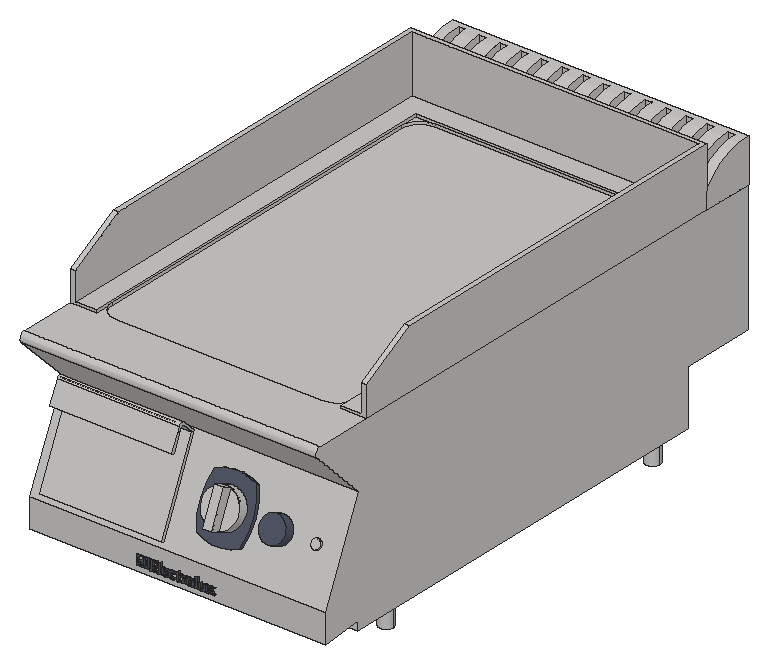
Revit family "QF_ELECTROLUXPROFESSIONAL_Professional_371320_E7IIKAAOMCA", category Specialty Equipment, Revit 2018 (continued)
Automatic sketch dimensions
  Extrusion 23 sketch curve to Extrusion 23 sketch curve = 57.15 mm
  Sweep 24 sketch curve to plane 4 "RIGHT" = 35.025 mm
  plane 3 "LEFT" to Sweep 24 sketch curve = 35.025 mm
  Sweep 24 sketch curve to plane 12 = 42.753 mm
  plane 11 to Sweep 24 sketch curve = 47 mm  (x2)
  Sweep 24 sketch curve to plane 10 "TOP A" = 0 mm
  profile plane to Sweep 24 sketch curve = 0 mm
  profile plane to Sweep 24 sketch curve = 28.675 mm
  Sweep 24 sketch curve to Sweep 24 sketch curve = 6.35 mm
  plane 10 "TOP A" to Sweep 24 sketch curve = 3.175 mm
  Extrusion 25 sketch curve to Sweep 24 = 0 mm  (x2)
  Extrusion 25 sketch curve to Extrusion 25 sketch curve = 73.03 mm
  Extrusion 25 sketch curve to Sweep 24 = 40.481 mm
  Sweep 24 to Extrusion 26 sketch curve = 0 mm
  Extrusion 26 sketch curve to Sweep 24 = 0 mm
  Extrusion 26 sketch curve to Extrusion 26 sketch curve = 73.03 mm
  Extrusion 26 sketch curve to Sweep 24 = 40.481 mm
  plane 11 to curve 8 = 21.6 mm
  curve 10 to curve 11 = 25.4 mm
  curve 17 to curve 77 = 0 mm
  curve 76 to curve 77 = 25.4 mm
  curve 15 to curve 15 = 25.4 mm
  plane 7 "Center Y" to Extrusion 27 sketch curve = 17.271 mm
  Extrusion 27 sketch curve to Extrusion 27 sketch curve = 0 mm
  Extrusion 27 sketch curve to Extrusion 27 sketch curve = 12.3 mm  (x3)
  Extrusion 27 sketch curve to Extrusion 27 sketch curve = 34.925 mm  (x2)
  Extrusion 27 sketch curve to plane 7 "Center Y" = 8.456 mm
  Extrusion 27 sketch curve to Extrusion 27 sketch curve = 46.691 mm
  plane 7 "Center Y" to Extrusion 27 sketch curve = 17.889 mm
  Extrusion 27 sketch curve to Extrusion 27 sketch curve = 25.114 mm
  Extrusion 29 sketch curve to Extrusion 29 sketch curve = 24.732 mm
  Extrusion 29 sketch curve to Extrusion 29 sketch curve = 0 mm
  curve 14 to plane 5 "FRONT" = 0 mm
  Extrusion 30 sketch curve to Extrusion 1 = 65.471 mm
  Extrusion 1 to Extrusion 30 sketch curve = 84.881 mm
  Extrusion 31 sketch curve to Extrusion 1 = 65.471 mm
  Extrusion 1 to Extrusion 31 sketch curve = 34.081 mm
  Extrusion 1 sketch curve to plane 10 "TOP A" = 0 mm
  Extrusion 1 sketch curve to plane 9 "BASE" = 0 mm
  Extrusion 1 sketch curve to plane 1 "BACK" = 0 mm
  Extrusion 1 sketch curve to plane 12 = 46.038 mm
  plane 11 to Extrusion 1 sketch curve = 59.531 mm
  plane 9 "BASE" to Extrusion 1 sketch curve = 12.7 mm
  plane 11 to Extrusion 1 sketch curve = 62.516 mm
  Extrusion 1 sketch curve to plane 5 "FRONT" = 16.478 mm
  Extrusion 1 sketch curve to plane 5 "FRONT" = 7.456 mm
  Extrusion 1 sketch curve to plane 5 "FRONT" = 2.239 mm
  plane 9 "BASE" to Extrusion 1 sketch curve = 7.09 mm
  Extrusion 1 sketch curve to Extrusion 1 sketch curve = 38.1 mm
  plane 9 "BASE" to Extrusion 1 sketch curve = 74.612 mm
  Extrusion 1 sketch curve to plane 10 "TOP A" = 83.191 mm
  Extrusion 1 sketch curve to plane 10 "TOP A" = 12.595 mm
  plane 5 "FRONT" to curve 78 = 0 mm
  plane 5 "FRONT" to curve 80 = 0 mm
  plane 3 "LEFT" to curve 78 = 12.7 mm
  curve 80 to plane 7 "Center Y" = 22.225 mm
  plane 5 "FRONT" to curve 80 = 52.387 mm
  radius of Extrusion 3 sketch curve = 9.525 mm  (x4)
  radius of Extrusion 5 sketch curve = 6.35 mm
  radius of Extrusion 28 sketch curve = 25.4 mm
  radius of Extrusion 29 sketch curve to Extrusion 28 = 0 mm  (x2)
  radius of Extrusion 30 sketch curve = 17.78 mm
  radius of Extrusion 31 sketch curve = 6.35 mm
Connectors
  piping at (347.663, -98.425, 57.718), diameter 12.7
    settings: on Extrusion 5, index 1, connector inside diameter 1/2", connector length 0 mm, flow factor 0, pipe flow 0 GPM, pressure drop 0.00 psi, fitting loss kfactor 0, connector angle 0.00°, fixture units 0, engagement length 0 mm, angle of deflection 0.00°, flow configuration 1, flow direction 1, fitting loss method 0, system type 7, joint type 0, gender type 0, connector reference index -1, connector utility 0, adjustable connector no, is connector primary yes, connector description "Gas Connection"
